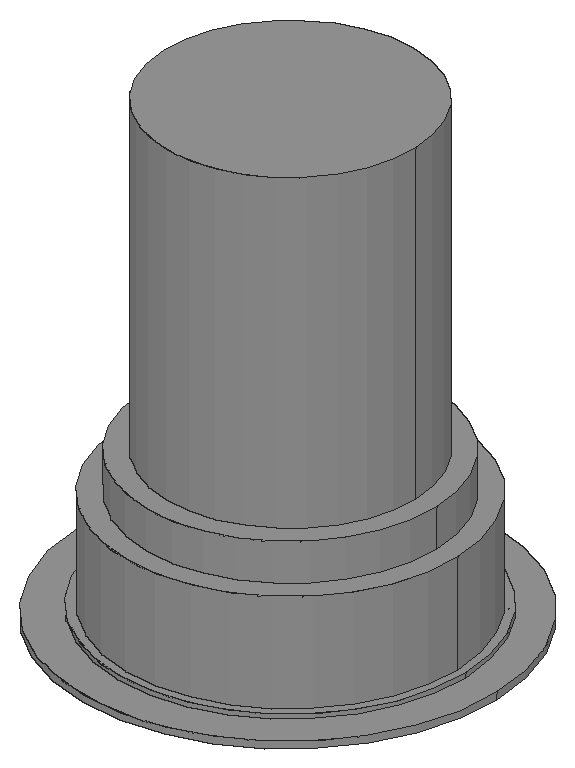
Revit family "VASARI 3 Round Fix Trim 02", category Lighting Fixtures, host Ceiling, Revit 2017
Family settings
  Host = Ceiling
  Round Connector Dimension = Use Diameter
  Part Type = Normal
  OmniClass Number = 23.80.70.11
  OmniClass Title = Luminaries for Internal Lighting
  Always vertical = Yes
  Cut with Voids When Loaded = No
  Light Source = Yes
  Shared = No
  Room Calculation Point = No
Parameters (values of type "50P")
  Wattage = 9.2903 W
  built-in parameter 1150110 = 1 (stored number, unit not read)
  built-in parameter 1114217 = 1 (stored number, unit not read)
  Tilt Angle = 90.00°
  built-in parameter 1150109 = 1 (stored number, unit not read)
  built-in parameter 1150134 = (empty or 0)
  built-in parameter 1150113 = 1 (stored number, unit not read)
  Photometric Web File = "ELR50P 35D.IES"
  Lumens = 1380 lm
  built-in parameter 1150115 = 1 (stored number, unit not read)
  built-in parameter 1150105 = 109.82 (stored number, unit not read)
  built-in parameter 1150137 = (empty or 0)
  built-in parameter 1150139 = (empty or 0)
  built-in parameter 1150112 = 1 (stored number, unit not read)
  built-in parameter 1150114 = 1 (stored number, unit not read)
  built-in parameter 1150132 = 2
  built-in parameter 1150102 = (empty or 0)
  built-in parameter 1150138 = (empty or 0)
  built-in parameter 1150107 = 3000 (stored number, unit not read)
  built-in parameter 1150106 = 1.0982 (stored number, unit not read)
  built-in parameter 1150104 = 13.8 (stored number, unit not read)
  Dimming Lamp Color Temperature Shift = <None>
  Color Filter = 16777215
  built-in parameter 1114218 = 1 (stored number, unit not read)
  built-in parameter 1150133 = 10 (stored number, unit not read)
Types (2): name
  Type 1
  50P
Reference planes
  plane 1 "Light Source Axis (F/B)": y = 0
  plane 2: z = 0
  plane 3 "Light Source Axis (L/R)": x = 0
  plane 4 "Ceiling": z = 4000
  plane 5 "Light Source Elevation": z = 4000
  plane 6: x = 0
  plane 7: z = 4110
  plane 8: x = -50
  plane 9: x = 50
Forms (mm)
  Extrusion 1, solid, material "ELR Plastic, Opaque White"
    sketch origin (239.98, 0.705, 4000) x (-1, 0, 0) y (0, -1, 0)
      loop
        circle (239.98, 0.705) r 50
      loop
        circle (239.98, 0.705) r 41.295
    from -0.606 to 1.009
  Extrusion 2, solid, material "ELR Plastic, Opaque White"
    sketch origin (239.98, 0.705, 4000) x (-1, 0, 0) y (0, -1, 0)
      loop
        circle (239.98, 0) r 30
    from 35 to 110
  Extrusion 3, solid, material "ELR Plastic, Opaque White"
    sketch origin (239.98, 0.705, 4000) x (-1, 0, 0) y (0, -1, 0)
      loop
        circle (239.98, 0) r 40
      loop
        circle (239.98, 0) r 30
    from 2.018 to 26
  Extrusion 4, solid, material "ELR Plastic, Opaque White"
    sketch origin (-115, 0.705, 4000) x (0, 1, 0) y (-1, 0, 0)
      loop
        circle (0, -115) r 42
      loop
        circle (0, -115) r 40
    from 1.009 to 2.018
  Extrusion 5, solid, material "ELR Plastic, Opaque White"
    sketch origin (239.98, 0.705, 4000) x (-1, 0, 0) y (0, -1, 0)
      loop
        circle (239.98, 0) r 35
      loop
        circle (239.98, 0) r 30
    from 26 to 35
  Extrusion 6, solid, material "ELR Light Emissive"
    sketch origin (0, 0, 4000) x (0, 1, 0) y (-1, 0, 0)
      loop
        circle (0.705, 0) r 30
    from 2 to 4
Lines and regions (mm)
  Opening 1
    outline origin (0, 0, 4000) x (1, 0, 0) y (0, 1, 0)
      loop
        circle (0, 0) r 42.396
  Opening 2
    outline origin (0, 0.705, 4000) x (1, 0, 0) y (0, 1, 0)
      loop
        circle (0, 0) r 45
Dimensions and locks
  equal spacing: host sketch curve, plane 3 "Light Source Axis (L/R)", host sketch curve
  equal spacing: host sketch curve, plane 1 "Light Source Axis (F/B)", host sketch curve
  host sketch curve to host sketch curve = 4000 mm  (x2)
  plane 4 "Ceiling" to host ceiling = 0 mm
  imposter light to plane 7 = 110 mm
  plane 9 to plane 8 = 100 mm
  aligned and locked: plane 3 "Light Source Axis (L/R)" to imposter light
  aligned and locked: plane 1 "Light Source Axis (F/B)" to imposter light
  aligned and locked: plane 5 "Light Source Elevation" to imposter light
  aligned and locked: plane 7 to Extrusion 2
